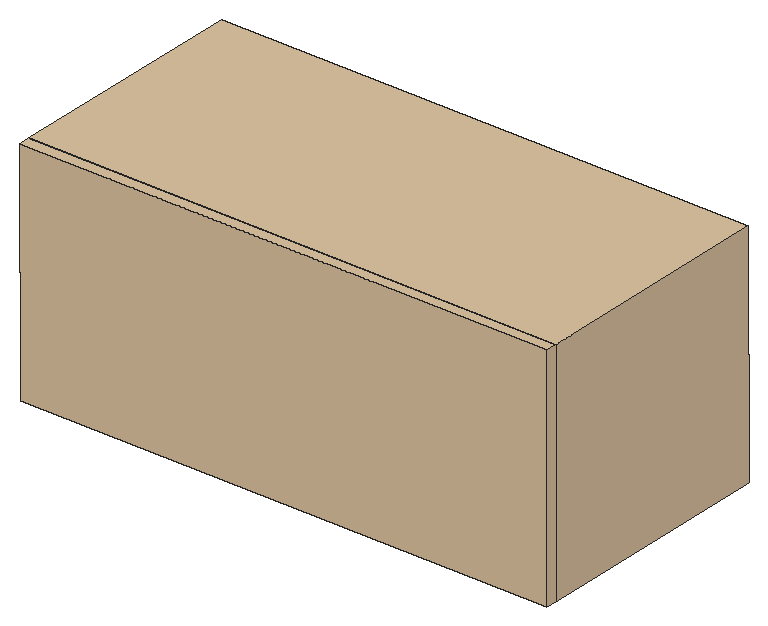
Revit family
Parameters (values of type "36" x 16" - Flip Door")
  Width = 36"
  Warranty = "www.haworth.com/en-us/Products/Pages/Certifications.aspx"
  Up Mount = no
  URL - Product = "www.haworth.com/en-us/Industries/Healthcare/Pages/Compose-Systems.aspx"
  URL = "www.haworth.com"
  Sustainability Info = "www.haworth.com/en-us/About-Us/Sustainability/Pages/Vision.aspx"
  Standard Mount = not(Up Mount)  # yes
  Sliding Door = no
  Size = "Verify Final Dim. w/ Haworth"  # constant formula
  Revision Number = "2"  # constant formula
  No Doors = not(or(Sliding Door, Flip Door))  # no
  Mounting Height [instance] = 50"
  Model = "Compose"
  Min/Max Width = "30-96 in. @ 6 in. increments"  # constant formula
  Min. Width = 30"  # constant formula
  Min. Depth = 6"  # constant formula
  Max. Width = 96"  # constant formula
  Min. Height = 8"  # constant formula
  Max. Height = 16 1/2"  # constant formula
  Max. Depth = 16"  # constant formula
  Manufacturer = "Haworth"  # constant formula
  Light Skirt = no
  Light = no
  LEED Data = "www.haworth.com/_layouts/Haworth.ProductCatalog/Handlers/GetAsset.ashx/ComposeLEEDContributions.pdf?cid=27&rid=1824&type=Leed"
  Frame Finish = Haworth - Laminate - Maple H-AE
  Flip Door = yes
  Door Width = Actual Width - 2"  # 34"
  Door Height = Actual Height - 2"  # 13 3/4"
  Height = 15 3/4"
  Door Finish = Haworth - Laminate - Maple H-AE
  Description = "Compose Overhead Storage"  # constant formula
  Depth = 15 3/4"
  Custom Size = not(and(Depth = 15 3/4", or(Height = 15 3/4"), or(Actual Width = 30", Actual Width = 36", Actual Width = 42", Actual Width = 48", Actual Width = 54", Actual Width = 60", Actual Width = 66", Actual Width = 72", Actual Width = 78", Actual Width = 84", Actual Width = 90", Actual Width = 96")))  # no
  Box Depth = if(Flip Door, Actual Depth + 3/4", Actual Depth)  # 16 1/2"
  Back Finish = Haworth - Laminate - Maple H-AE
  Author = "SHAPE Environments, LLC"  # constant formula
  Assembly Code = "E2020200"
  Actual Width = if(Width > Max. Width, Max. Width, if(Width < Min. Width, Min. Width, Width))  # 36"
  Actual Height = if(Height > Max. Height, Max. Height, if(Height < Min. Height, Min. Height, Height))  # 15 3/4"
  Standard Heights = "15 3/4 in."  # constant formula
  Standard Depth = "15 3/4 in."  # constant formula
  Actual Depth = if(Depth > Max. Depth, Max. Depth, if(Depth < Min. Depth, Min. Depth, Depth))  # 15 3/4"
Reference planes (in)
  plane 1 "Back": y = 0
  plane 2: z = 0
  plane 3 "Center L/R": x = 6.5
  plane 4 "Bottom": z = 50
  plane 5 "Top": z = 65.75
  plane 6 "Left": x = -11.5
  plane 7 "Right": x = 24.5
  plane 8 "Front": y = -16.5
  plane 9 "Inside Top": z = 64.75
  plane 10 "Inside Bottom": z = 51
  plane 11 "Inside Right": x = 23.5
  plane 12 "Inside Left": x = -10.5
  plane 13 "Center F/B": y = -8.25
Forms (in)
  Extrusion 1, solid, material "Haworth - Laminate - Maple H-AE" <- "Frame Finish"
    sketch origin (0, 0, 0) x (1, 0, 0) y (0, 0, 1)
      loop
        line (-11.5, 50) -> (24.5, 50) -> (24.5, 65.75) -> (-11.5, 65.75) -> (-11.5, 50)
      loop
        line (-10.5, 64.75) -> (-10.5, 51) -> (23.5, 51) -> (23.5, 64.75) -> (-10.5, 64.75)
    from 0 to 16.5
  Extrusion 2, solid, material "Haworth - Laminate - Maple H-AE" <- "Back Finish"
    sketch origin (0, 0, 0) x (1, 0, 0) y (0, 0, 1)
      loop
        line (-10.5, 64.75) -> (-10.5, 51) -> (23.5, 51) -> (23.5, 64.75) -> (-10.5, 64.75)
    from 0 to 0.25
Lines and regions (in)
  Masking region 1
    outline origin (0, 0, 0) x (1, 0, 0) y (0, 1, 0)
      loop
        line (-11.5, 0) -> (-11.5, -16.5) -> (24.5, -16.5) -> (24.5, 0) -> (-11.5, 0)
  model lines, style "InvisibleLines", detail levels coarse
    curve 1: line (6.5, 0, 0) -> (6.5, 0, 50)
Dimensions and locks (in)
  "Actual Height": plane 5 "Top" to plane 4 "Bottom"
  equal spacing: plane 7 "Right", plane 3 "Center L/R", plane 6 "Left"
  "Actual Width": plane 7 "Right" to plane 6 "Left"
  "Box Depth": plane 8 "Front" to plane 1 "Back"
  locked: plane 5 "Top" to plane 9 "Inside Top" at 1
  locked: plane 10 "Inside Bottom" to plane 4 "Bottom" at 1
  locked: plane 12 "Inside Left" to plane 6 "Left" at 1
  locked: plane 7 "Right" to plane 11 "Inside Right" at 1
  locked: plane 6 "Left" to nested 3 at 0.375
  locked: nested 4 to plane 7 "Right" at 0.375
  equal spacing: plane 8 "Front", plane 13 "Center F/B", plane 1 "Back"
  "Mounting Height": plane 4 "Bottom" to level
  equal spacing: plane 8 "Front", nested 5, plane 1 "Back"
  aligned and locked: Extrusion 1 to plane 8 "Front"
  aligned and locked: plane 5 "Top" to Extrusion 1 sketch curve
  aligned and locked: Extrusion 1 sketch curve to plane 6 "Left"
  aligned and locked: plane 7 "Right" to Extrusion 1 sketch curve
  aligned and locked: Extrusion 1 to Extrusion 2 sketch curve
  aligned and locked: Extrusion 2 sketch curve to Extrusion 1  (x3)
  aligned and locked: plane 3 "Center L/R" to nested 1
  aligned: plane 10 "Inside Bottom" to nested 1
  aligned and locked: nested 1 to plane 8 "Front"
  aligned: plane 4 "Bottom" to nested 2
  aligned and locked: plane 1 "Back" to nested 2
  aligned and locked: plane 10 "Inside Bottom" to nested 1
  aligned and locked: plane 3 "Center L/R" to nested 5
  aligned: plane 13 "Center F/B" to nested 5  (x2)
  aligned and locked: plane 4 "Bottom" to nested 5
  aligned and locked: plane 4 "Bottom" to nested 2
  aligned and locked: plane 4 "Bottom" to nested 4
  aligned and locked: plane 4 "Bottom" to nested 3
  aligned and locked: plane 3 "Center L/R" to curve 1
  aligned and locked: level to curve 1
  aligned and locked: plane 4 "Bottom" to curve 1
  aligned and locked: Masking region 1 sketch curve to plane 7 "Right"
  aligned and locked: plane 8 "Front" to Masking region 1 sketch curve
  aligned and locked: plane 6 "Left" to Masking region 1 sketch curve
  aligned and locked: plane 1 "Back" to Masking region 1 sketch curve
Automatic sketch dimensions
  Extrusion 1 sketch curve to plane 9 "Inside Top" = 0"
  Extrusion 1 sketch curve to plane 12 "Inside Left" = 0"
  Extrusion 1 sketch curve to plane 11 "Inside Right" = 0"
  Extrusion 1 sketch curve to plane 4 "Bottom" = 0"
  Extrusion 1 sketch curve to plane 10 "Inside Bottom" = 0"
Nested families (in)
  nested 1: "Haworth_Overhead-Doors" at (4.29098, -16.5, 50), type "Haworth_Storage-Doors"
  nested 2: "Haworth_Overhead-Skirt" at (9, 0, 50), visible <- "Light Skirt", type "Skirt"
    with Actual Width 36", Actual Depth 16 1/2"
  nested 3: "Haworth_Overhead-Bracket" at (-8.875, 0, 50), visible <- "Up Mount", type "Bracket"
  nested 4: "Haworth_Overhead-Bracket" at (26.375, 0, 50), visible <- "Up Mount", type "Bracket"
  nested 5: "Haworth-Light_Source" at (6.5, -8.25, 50), visible <- "Light", type "Haworth - Light Source"
    with Actual Width 36"
Definition of nested family "Haworth_Overhead-Doors"
  Parameters (values of type "Haworth_Storage-Doors")
    Warranty = ""
    Sliding Door = no
    URL - Product = ""
    URL = "www.haworth.com"
    Sustainability Info = ""
    Size = "Verify Final Dim. w/ Haworth"  # constant formula
    Revision Number = ""
    Pull Location = 2"
    Panel Thickness = 1"
    Overlap = 1"
    OmniClass Number = ""
    Material Options = ""
    Manufacturer = "Haworth"  # constant formula
    Lock Hardware Sliding Door = no
    Lock Hardware Flip Door = no
    LEED Data = ""
    Frame Finish = Haworth - Laminate - Maple H-AE
    Flip Door = yes
    Door Width = ((Actual Width) / 2) + (Overlap / 2)  # 17 1/2"
    Door Finish = Haworth - Laminate - Maple H-AE
    Author = "SHAPE Environments, LLC"  # constant formula
    Assembly Code = ""
    Actual Width = 34"
    Actual Height = 13 3/4"
  Reference planes (in)
    plane 1 "Face of Storage": y = 0
    plane 2: z = 0
    plane 3 "Center L/R": x = 2.20902
    plane 4 "Bottom": z = 1
    plane 5 "Top": z = 14.75
    plane 6 "Left": x = -14.79098
    plane 7 "Right": x = 19.20902
    plane 8 "Left Pull": x = -12.79098
    plane 9 "Right Panel Left Limit": x = 1.70902
    plane 10 "Left Panel Right Limit": x = 2.70902
    plane 11 "Right Pull": x = 17.20902
    plane 12 "Outer Top": z = 15.75
    plane 13 "Outer Left": x = -15.79098
    plane 14 "Outer Right": x = 20.20902
    plane 15 "RearSlidingSurface": y = 1
    plane 16 "Handle Center": z = 7.375
    plane 17 "FrontSlidingSurface": y = 0.75
    plane 18 "FlipDoorGlass": y = -0.5
    plane 19: z = 7.875
  Forms (in)
    Extrusion 1, solid, material "Haworth - Laminate - Maple H-AE" <- "Door Finish", visible <- "Sliding Door"
      sketch origin (-5.83785, 0.25, -30.75) x (-1, 0, 0) y (0, 0, 1)
        loop
          line (-7.54688, 45.5) -> (-25.04688, 45.5) -> (-25.04688, 31.75) -> (-7.54688, 31.75) -> (-7.54688, 45.5)
      from 1 to 0.75
    Extrusion 2, solid, material "Haworth - Laminate - Maple H-AE" <- "Door Finish", visible <- "Sliding Door"
      sketch origin (-19.83785, 0.25, -30.75) x (-1, 0, 0) y (0, 0, 1)
        loop
          line (-5.04688, 45.5) -> (-22.54687, 45.5) -> (-22.54687, 31.75) -> (-5.04688, 31.75) -> (-5.04688, 45.5)
      from 0.5 to 0.75
    Extrusion 3, solid, material "Haworth - Laminate - Maple H-AE" <- "Door Finish", visible <- "Flip Door"
      sketch origin (0, 0, 1) x (1, 0, 0) y (0, 0, 1)
        loop
          line (-15.79098, 14.75) -> (-15.79098, -1) -> (20.20902, -1) -> (20.20902, 14.75) -> (-15.79098, 14.75)
      from 0 to 0.75
  Dimensions and locks (in)
    "Actual Width": plane 7 "Right" to plane 6 "Left"
    equal spacing: plane 7 "Right", plane 3 "Center L/R", plane 6 "Left"
    "Pull Location": plane 8 "Left Pull" to plane 6 "Left"
    "Pull Location": plane 7 "Right" to plane 11 "Right Pull"
    "Panel Thickness": plane 12 "Outer Top" to plane 5 "Top"
    "Panel Thickness": plane 6 "Left" to plane 13 "Outer Left"
    "Panel Thickness": plane 14 "Outer Right" to plane 7 "Right"
    locked: plane 1 "Face of Storage" to plane 15 "RearSlidingSurface" at 1
    equal spacing: plane 5 "Top", plane 16 "Handle Center", level
    "Door Width": plane 6 "Left" to plane 10 "Left Panel Right Limit"
    "Door Width": plane 9 "Right Panel Left Limit" to plane 7 "Right"
    plane 9 "Right Panel Left Limit" to plane 10 "Left Panel Right Limit" = 1"
    locked: plane 17 "FrontSlidingSurface" to plane 15 "RearSlidingSurface" at 0.25
    "Panel Thickness": plane 4 "Bottom" to level
    equal spacing: plane 12 "Outer Top", plane 19, level
    "Actual Height": plane 5 "Top" to plane 4 "Bottom"
    aligned and locked: plane 5 "Top" to Extrusion 2
    aligned: Extrusion 2 to plane 4 "Bottom"
    aligned and locked: plane 5 "Top" to Extrusion 1
    aligned: Extrusion 1 to plane 4 "Bottom"
    aligned and locked: plane 10 "Left Panel Right Limit" to Extrusion 2
    aligned and locked: Extrusion 1 to plane 9 "Right Panel Left Limit"
    aligned and locked: plane 13 "Outer Left" to Extrusion 3 sketch curve
    aligned and locked: Extrusion 3 sketch curve to plane 12 "Outer Top"
    aligned and locked: Extrusion 3 sketch curve to plane 14 "Outer Right"
    aligned and locked: plane 8 "Left Pull" to nested 1
    aligned and locked: plane 11 "Right Pull" to nested 2
    aligned: plane 16 "Handle Center" to nested 1  (x3)
    aligned: plane 15 "RearSlidingSurface" to nested 1
    aligned and locked: plane 15 "RearSlidingSurface" to nested 2
    aligned and locked: plane 17 "FrontSlidingSurface" to nested 1
    aligned: plane 16 "Handle Center" to nested 2  (x2)
    aligned and locked: plane 3 "Center L/R" to nested 3
    aligned: nested 3 to plane 2
    aligned and locked: plane 19 to nested 1
    aligned and locked: plane 19 to nested 2
  Automatic sketch dimensions
    Extrusion 1 sketch curve to plane 7 "Right" = 0"
    Extrusion 1 sketch curve to plane 3 "Center L/R" = 1/2"
    plane 4 "Bottom" to Extrusion 1 sketch curve = 0"
    Extrusion 1 sketch curve to plane 5 "Top" = 0"
    Extrusion 2 sketch curve to plane 5 "Top" = 0"
    plane 3 "Center L/R" to Extrusion 2 sketch curve = 1/2"
    plane 6 "Left" to Extrusion 2 sketch curve = 0"
    plane 4 "Bottom" to Extrusion 2 sketch curve = 0"
    Extrusion 3 sketch curve to level = 0"
  Nested families (in)
    nested 1: "Haworth_Handle" at (-12.79098, 0.75, 7.875), visible <- "Sliding Door", type "Haworth_Handle"
      with Handle Length 11 5/8", Door Height 13 3/4"
    nested 2: "Haworth_Handle" at (17.20902, 1, 7.875), visible <- "Sliding Door", type "Haworth_Handle"
      with Handle Length 11 5/8", Door Height 13 3/4"
    nested 3: "Haworth-Lock" at (2.20902, -0.75, 1) x (1, 0, 0) z (0, -1, 0), visible <- "Lock Hardware Flip Door", type "Haworth-Lock"
    nested 4: "Haworth-Lock" at (3.95902, 1, 2.30496) x (-1, 0, 0) z (0, 1, 0), visible <- "Lock Hardware Sliding Door", type "Haworth-Lock"
  Definition of nested family "Haworth_Handle"
    Parameters (values of type "Haworth_Handle")
      Handle Length = Door Height - 2 1/8"  # 11 7/16"
      Handle Finish = Haworth - Metallic Paint - Champagne
      Door Height = 13 9/16"
      Assembly Code = ""
    Reference planes (in)
      plane 1 "Center (Front/Back)": y = 0
      plane 2: z = 0
      plane 3 "Center (Left/Right)": x = 0
      plane 4: z = 5.71875
      plane 5: z = -5.71875
      plane 6: z = 0
    Forms (in)
      Extrusion 1, solid, material "Haworth - Metallic Paint - Champagne" <- "Handle Finish"
        sketch origin (0, 0, 0) x (1, 0, 0) y (0, 1, 0)
          loop
            line (-0.125, -0.5) -> (0.125, -0.5) -> (0.1875, 0) -> (-0.1875, 0) -> (-0.125, -0.5)
        from -5.71875 to 5.71875
    Dimensions and locks (in)
      equal spacing: plane 4, level, plane 5
      "Handle Length": plane 4 to plane 5
      aligned and locked: plane 4 to Extrusion 1
      aligned and locked: Extrusion 1 to plane 5
      aligned and locked: level to plane 6
    Automatic sketch dimensions
      plane 1 "Center (Front/Back)" to Extrusion 1 sketch curve = 0"
      Extrusion 1 sketch curve to plane 3 "Center (Left/Right)" = 3/16"
      Extrusion 1 sketch curve to plane 3 "Center (Left/Right)" = 1/8"
      plane 3 "Center (Left/Right)" to Extrusion 1 sketch curve = 1/8"
      plane 3 "Center (Left/Right)" to Extrusion 1 sketch curve = 3/16"
      plane 1 "Center (Front/Back)" to Extrusion 1 sketch curve = 1/2"
  Definition of nested family "Haworth-Lock"
    Parameters (values of type "Haworth-Lock")
      Lock Radius = 1/2"
      Default Elevation = 48"
      Assembly Code = ""
    Reference planes (in)
      plane 1 "Center (Front/Back)": y = 0
      plane 2: z = 0
      plane 3 "Center (Left/Right)": x = 0
    Forms (in)
      Extrusion 1, solid
        sketch origin (0, 0, 0) x (1, 0, 0) y (0, 1, 0)
          loop
            line (-48, 48) -> (-48, -48) -> (48, -48) -> (48, 48) -> (-48, 48)
        from 0 to -12
      Extrusion 2, solid, material "Haworth - Metal - Brushed Aluminum", detail levels medium+fine
        sketch origin (0, 0, 0) x (1, 0, 0) y (0, 1, 0)
          loop
            circle (0, 0) r 0.5
        from 0 to 0.0625
    Dimensions and locks (in)
      "Lock Radius": radius of Extrusion 2 sketch curve
      aligned and locked: plane 2 to Extrusion 1
      aligned and locked: level to Extrusion 1
    Automatic sketch dimensions
      Extrusion 1 sketch curve to Extrusion 1 sketch curve = 96"  (x2)
      plane 1 "Center (Front/Back)" to Extrusion 2 sketch curve = 0"
      Extrusion 2 sketch curve to plane 3 "Center (Left/Right)" = 0"
Definition of nested family "Haworth_Overhead-Skirt"
  Parameters (values of type "Skirt")
    Warranty = ""
    URL - Product = ""
    URL = "www.haworth.com"
    Sustainability Info = ""
    Size = "Verify Final Dim. w/ Haworth"  # constant formula
    Revision Number = ""
    OmniClass Number = ""
    Min/Max Width = ""
    Min/Max Height = ""
    Material Options = ""
    Manufacturer = "Haworth"  # constant formula
    LEED Data = ""
    Frame Finish = Haworth - Metallic Paint - Champagne
    Author = "SHAPE Environments, LLC"  # constant formula
    Assembly Code = ""
    Actual Width = 24"
    Actual Height = 1 1/2"
    Actual Depth = 15 5/8"
  Reference planes (in)
    plane 1 "Center F/B": y = 0
    plane 2: z = 0
    plane 3 "Center L/R": x = -2.5
    plane 4: x = -14.5
    plane 5: x = 9.5
    plane 6 "front": y = -15.625
    plane 7: z = -1.5
  Forms (in)
    Sweep 1, solid, material "Haworth - Metallic Paint - Champagne" <- "Frame Finish"
      path origin (0, 0, 0) x (1, 0, 0) y (0, 1, 0)
        loop
          line (-14.5, 0) -> (-14.5, -15.625) -> (9.5, -15.625) -> (9.5, 0)
      profile origin (-14.5, -7.8125, 0) x (1, 0, 0) y (0, 0, 1)
        loop
          line (0, 0) -> (0, -1.5) -> (0.125, -1.5) -> (0.125, -0.125) -> (0.5, -0.125) -> (0.5, 0) -> (0, 0)
  Dimensions and locks (in)
    equal spacing: plane 4, plane 3 "Center L/R", plane 5
    "Actual Width": plane 4 to plane 5
    "Actual Depth": plane 6 "front" to plane 1 "Center F/B"
    "Actual Height": level to plane 7
    aligned and locked: Sweep 1 sketch curve to plane 4
    aligned and locked: plane 6 "front" to Sweep 1 sketch curve
    aligned and locked: plane 5 to Sweep 1 sketch curve
  Automatic sketch dimensions
    plane 1 "Center F/B" to Sweep 1 sketch curve = 0"  (x2)
    Sweep 1 sketch curve to level = 0"
    profile plane to Sweep 1 sketch curve = 0"
    Sweep 1 sketch curve to profile plane = 1/8"
    Sweep 1 sketch curve to Sweep 1 sketch curve = 3/8"
    Sweep 1 sketch curve to level = 1/8"
    Sweep 1 sketch curve to Sweep 1 sketch curve = 1 3/8"
Definition of nested family "Haworth_Overhead-Bracket"
  Parameters (values of type "Bracket")
    Warranty = ""
    URL - Product = ""
    URL = "www.haworth.com"
    Sustainability Info = ""
    Size = "Verify Final Dim. w/ Haworth"  # constant formula
    Revision Number = ""
    OmniClass Number = ""
    Min/Max Width = ""
    Min/Max Height = ""
    Material Options = ""
    Manufacturer = "Haworth"  # constant formula
    LEED Data = ""
    Frame Finish = Haworth - Laminate - Maple H-AE
    Author = "SHAPE Environments, LLC"  # constant formula
    Assembly Code = ""
    Actual Width = 1/2"
    Actual Height = 8 3/4"
    Actual Depth = 9 1/4"
  Reference planes (in)
    plane 1 "Back": y = 0
    plane 2: z = 0
    plane 3 "Center L/R": x = -2.25
    plane 4 "Right": x = -2
    plane 5 "Front": y = -9.25
    plane 6: z = -8.75
    plane 7 "Left": x = -2.5
  Forms (in)
    Extrusion 1, solid, material "Haworth - Laminate - Maple H-AE" <- "Frame Finish"
      sketch origin (-2.25, 0, 0) x (0, 1, 0) y (0, 0, 1)
        loop
          line (0, -8.75) -> (0, 0) -> (-9.25, 0) -> (0, -8.75)
      from -0.25 to 0.25
  Dimensions and locks (in)
    "Actual Depth": plane 5 "Front" to plane 1 "Back"
    "Actual Height": level to plane 6
    equal spacing: plane 7 "Left", plane 3 "Center L/R", plane 4 "Right"
    "Actual Width": plane 7 "Left" to plane 4 "Right"
    aligned and locked: plane 4 "Right" to Extrusion 1
    aligned and locked: plane 7 "Left" to Extrusion 1
  Automatic sketch dimensions
    Extrusion 1 sketch curve to level = 0"
    Extrusion 1 sketch curve to plane 5 "Front" = 0"
    Extrusion 1 sketch curve to plane 1 "Back" = 0"
    Extrusion 1 sketch curve to plane 6 = 0"
Definition of nested family "Haworth-Light_Source"
  Parameters
    Wattage = 12.1178 W
    built-in parameter 1150110 = 1 (stored number, unit not read)
    built-in parameter 1114217 = 1 (stored number, unit not read)
    built-in parameter 1150109 = 1 (stored number, unit not read)
    built-in parameter 1150134 = (empty or 0)
    built-in parameter 1150113 = 1 (stored number, unit not read)
    Lumens = 1800 lm
    built-in parameter 1150115 = 1 (stored number, unit not read)
    built-in parameter 1150105 = 572.96 (stored number, unit not read)
    Light Source Symbol Size = Actual Width - 8"  # 16"
    built-in parameter 1150137 = (empty or 0)
    built-in parameter 1150139 = (empty or 0)
    built-in parameter 1150112 = 1 (stored number, unit not read)
    built-in parameter 1150114 = 1 (stored number, unit not read)
    built-in parameter 1150132 = 2
    built-in parameter 1150102 = (empty or 0)
    built-in parameter 1150138 = (empty or 0)
    built-in parameter 1150107 = 3000 (stored number, unit not read)
    built-in parameter 1150106 = 5.7296 (stored number, unit not read)
    Emit from Line Length = Actual Width - 8"  # 16"
    built-in parameter 1150104 = 13.8 (stored number, unit not read)
    Dimming Lamp Color Temperature Shift = (empty or 0)
    Color Filter = 16777215
    built-in parameter 1114218 = 1 (stored number, unit not read)
    built-in parameter 1150133 = 10 (stored number, unit not read)
    Actual Width = 24"
  Reference planes (in)
    plane 1 "Light Source Axis (F/B)": y = 0
    plane 2: z = 0
    plane 3 "Light Source Axis (L/R)": x = 0
    plane 4 "Light Source Elevation": z = 0
  Dimensions and locks (in)
    aligned and locked: plane 3 "Light Source Axis (L/R)" to imposter light
    aligned and locked: plane 1 "Light Source Axis (F/B)" to imposter light
    aligned and locked: plane 4 "Light Source Elevation" to imposter light
